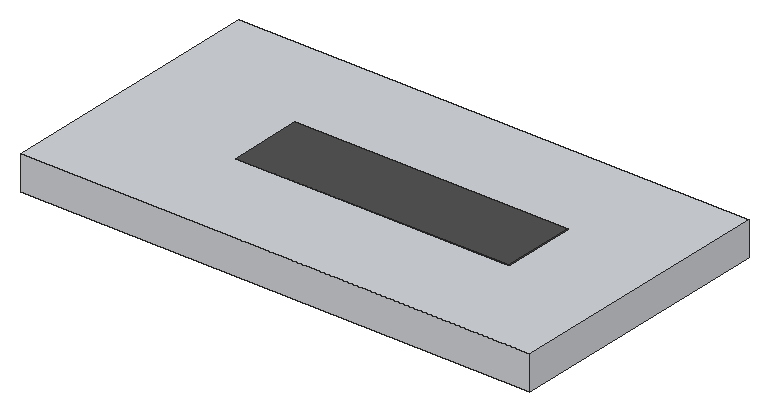
Revit family "Drain-Grates_MultiDrain_MultiDrain", category Site, host Face, Revit 2026
Family settings
  Host = Face
  Round Connector Dimension = Use Diameter
  Part Type = Normal
  Classification Number = 23.10.10.12
  Cut with Voids When Loaded = No
  Shared = Yes
Parameters (values of type "Default C24Grate")
  uphillmitre [instance] = if(Uphill Miter Angle = 0.00°, 0' 0", 0' 1")  # 0' - 0"
  downhillmitre [instance] = if(Downhill Miter Angle = 0.00°, 0' 0", 0' 1")  # 0' - 0"
  Warranty Duration (Years) = 0
  Uphill Miter Angle [instance] = 0.00°
  Unit Length [instance] = 8' - 0"
  URL = "http://www.multidrainsystems.com/"
  Test Data = ""
  Specification = "http://www.arcat.com/sdspecs/htm/02600mds.htm"
  SpecWizard = ""
  Send Message = "http://www.arcat.com/users.pl?action=UserEmail&company=MultiDrain+Systems&coid=40880&rep=141&fax=704-508-1011&mf="
  Sales Information = "http://www.multidrainsystems.com/contact-us/"
  Revision = "R1_12_2013"
  Product Properties = ""
  Product Data = "http://www.arcat.com/arcatcos/cos40/arc40880.html"
  Open Area = 0
  Model = "As Specified"
  Manufacturer Website = "http://www.multidrainsystems.com/"
  Manufacturer Phone - Toll Free = "800-433-1119"
  Manufacturer Phone = "704-508-1010"
  Manufacturer Fax = "704-508-1011"
  Manufacturer Address = "P. O. Box 7107   Statesville, NC 28687"
  Manufacturer = "MultiDrain Systems"
  Maintenance Schedule (Months) = 0
  Keynote = "02600"
  Installation-Fabrication = ""
  Installation Phase = ""
  Green Building-LEED = ""
  Grate Width = 2' - 2"
  Frame Finish = Metal - MultiDrain - Black Paint Grating
  Expected Lifespan (Years) = 0
  Drawn By = "Sumex Design, Inc. / Robert S. Weygant, CSI, CDT, SCIP"
  Downhill Miter Angle [instance] = 0.00°
  Description = "MultiDrain Product as Specified"
  Default Elevation = 0' - 0"
  Copyright = "©Arcat Inc."
  Construction Details = "http://www.arcat.com/details/multidra/multidra.html?coid=40880"
  Capacity = "Load Rating as Specified"
  Building Codes = ""
  Assembly Code = "A1030600"
  ADA Compliant = no
Types (4): name | Grate Width
  Default C8Grate | 0' - 10"
  Default C12Grate | 1' - 2"
  Default C18Grate | 1' - 8"
  Default C24Grate | 2' - 2"
Reference planes (in)
  plane 1 "Center (Front/Back)": y = 0
  plane 2: z = 0
  plane 3 "Uphill": x = 0
  plane 4: y = -13
  plane 5: y = 13
  plane 6 "Downhill": x = 96
  plane 7: y = 1.96875
  plane 8: y = -1.96875
  plane 9: z = 0
  plane 10: z = 0
Forms (in)
  Extrusion 1, solid
    sketch origin (0, 0, 0) x (1, 0, 0) y (0, 1, 0)
      loop
        line (-48, 48) -> (-48, -48) -> (131.49507, -48) -> (131.49507, 48) -> (-48, 48)
    from 0 to -12
  Extrusion 2, solid, material "Metal - MultiDrain - Black Paint Grating" <- "Frame Finish"
    sketch origin (0, 0, 0) x (0, 1, 0) y (0, 0, 1)
      loop
        line (-13, 0) -> (-13, -1.5) -> (13, -1.5) -> (13, 0) -> (-13, 0)
    from 0 to 96
  Extrusion 3, void
    sketch origin (0, 0, 0) x (1, 0, 0) y (0, 1, 0)
      loop
        line (0, 13.25) -> (-3, 13.25) -> (-3, -15.75) -> (0, -15.75) -> (0, 13.25)
    from 1 to 0
  Extrusion 4, void
    sketch origin (0, 0, 0) x (1, 0, 0) y (0, 1, 0)
      loop
        line (96, 13.25) -> (96, -16.90216) -> (99, -16.90216) -> (99, 13.25) -> (96, 13.25)
    from 1 to 0
Cuts and joins
  Extrusion 3, Extrusion 4 cuts Extrusion 2
Lines and regions (in)
  reference lines
    curve 1: line (0, 13, 0) -> (0, 5.25, 0)
    curve 2: line (96, 13, 0) -> (96, 3.75, 0)
  model lines, style "InvisibleLines"
    curve 3: line (0, 0, 0) -> (0, 0, 12)
Dimensions and locks (in)
  "Unit Length": plane 3 "Uphill" to plane 6 "Downhill"
  equal spacing: plane 5, plane 1 "Center (Front/Back)", plane 4
  "Grate Width": plane 5 to plane 4
  locked: plane 2 to Extrusion 2 sketch curve at 1.5
  equal spacing: plane 7, plane 1 "Center (Front/Back)", plane 8
  plane 7 to plane 8 = 0' - 3 15/16"
  locked: plane 4 to Extrusion 3 sketch curve at 2.75
  locked: Extrusion 3 sketch curve to plane 3 "Uphill" at 3
  "uphillmitre": plane 2 to plane 9
  locked: plane 6 "Downhill" to Extrusion 4 sketch curve at 3
  locked: plane 4 to Extrusion 4 sketch curve at 3.90216
  "downhillmitre": level to plane 10
  locked: Extrusion 3 sketch curve to plane 5 at 0.25
  locked: Extrusion 4 sketch curve to plane 5 at 0.25
  "Uphill Miter Angle": angle plane 3 "Uphill" to curve 1
  "Downhill Miter Angle": angle curve 2 to plane 6 "Downhill"
  aligned and locked: Extrusion 1 to plane 2
  aligned and locked: level to Extrusion 1
  aligned and locked: Extrusion 2 sketch curve to plane 4
  aligned and locked: plane 2 to Extrusion 2 sketch curve
  aligned: plane 6 "Downhill" to Extrusion 2
  aligned: Extrusion 2 to plane 3 "Uphill"
  aligned and locked: plane 5 to curve 2
  aligned and locked: plane 6 "Downhill" to curve 2
  aligned and locked: plane 3 "Uphill" to curve 1
  aligned and locked: plane 5 to curve 1
  aligned and locked: Extrusion 3 sketch curve to curve 1
  aligned: Extrusion 3 to level
  aligned and locked: Extrusion 3 to plane 9
  aligned and locked: Extrusion 4 sketch curve to curve 2
  aligned and locked: Extrusion 4 to plane 10
  aligned and locked: cut or joined group of Extrusion 2, Extrusion 3, Extrusion 4 to plane 3 "Uphill"
  aligned and locked: plane 6 "Downhill" to cut or joined group of Extrusion 2, Extrusion 3, Extrusion 4
Automatic sketch dimensions
  Extrusion 1 sketch curve to Extrusion 1 sketch curve = 14' - 11.49507"
  Extrusion 1 sketch curve to Extrusion 1 sketch curve = 8' - 0"
  curve 3 to plane 1 "Center (Front/Back)" = 0' - 0"
  curve 3 to level = 0' - 0"
  curve 3 to curve 3 = 1' - 0"
  Extrusion 2 sketch curve to plane 5 = 0' - 0"
